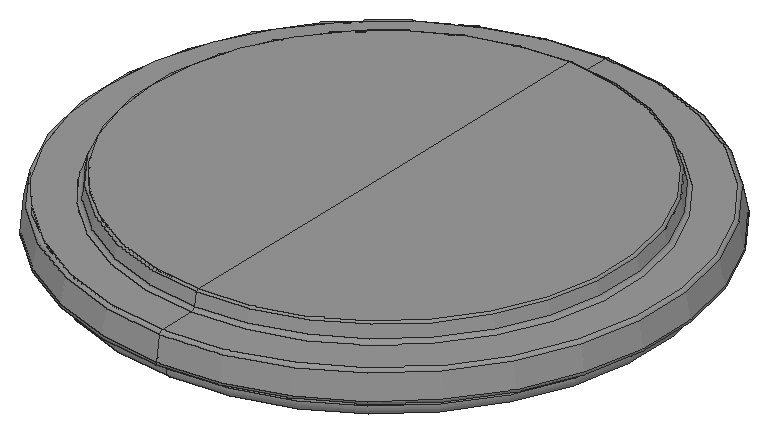
Revit family "FMK13_63_UN_Surface-mounted_ETK", category Lighting Fixtures, Revit 2017 (continued)
Definition of nested family "FMK.1 - Lightsource"
  Types (13, lengths in mm): name | Wattage Comments | Photometric Web File | built-in parameter 1150142 | Apparent Load
      537.1923\t510.3185\t483.5692\t456.7314\t429.1337\r\n401.576\t374.0792\t343.7273\t313.8252\t284.3692\t255.4331\t225.3259\t196.5097\t168.4813\t140.3186\r\n113.6458\t88.3264\t18.7483\t0\t0\t0\r\n874.5378\t873.5718\t871.3143\t868.2482\t864.0699\t858.7769\t852.7475\t845.0684\t836.6126\t826.9223\r\n816.0356\t804.4589\t791.4169\t777.3062\t762.6625\t747.446\t730.8942\t712.4232\t692.6625\t672.1055\r\n651.0285\t629.2854\t606.6172\t583.5472\t559.7246\t535.5937\t510.998\t484.7145\t456.6754\t428.5854\r\n400.4188\t372.2688\t344.6054\t314.312\t284.0728\t254.4418\t225.5761\t195.949\t167.9463\t140.4687\r\n113.4379\t88.1362\t71.0875\t0\t0\t0\r\n874.5378\t873.5778\t871.6724\t868.2862\t864.0811\t858.7397\t852.5389\t845.0283\t836.473\t826.8146\r\n815.9634\t804.3563\t791.3211\t777.2327\t762.3076\t746.381\t729.7628\t712.3959\t693.7249\t673.7875\r\n651.7581\t629.8357\t606.8066\t583.4555\t559.2172\t534.5241\t509.2913\t483.5462\t457.6773\t429.0467\r\n400.3767\t371.4921\t342.6683\t314.0384\t285.1107\t254.3394\t224.7361\t196.0291\t167.3291\t140.3142\r\n113.4771\t87.9507\t64.3151\t0\t0\t0\r\n874.5378\t873.5822\t871.7051\t868.3368\t864.1141\t858.7394\t852.5027\t844.8246\t836.3773\t826.6924\r\n815.914\t804.2489\t791.2202\t777.1011\t762.2471\t746.2464\t729.1785\t711.2863\t692.7002\t673.907\r\n652.9753\t631.371\t607.691\t583.9619\t559.5607\t534.4564\t508.8191\t482.5071\t455.9153\t428.6437\r\n401.3324\t371.8328\t342.2571\t312.8981\t283.7646\t255.346\t224.8809\t195.4228\t167.3581\t139.5585\r\n113.6418\t87.8922\t64.2382\t8.706\t0\t0\r\n874.5378\t873.5855\t871.7317\t868.4005\t864.1694\t858.7759\t852.5146\t844.7936\t836.1476\t826.5974\r\n815.8414\t804.1179\t791.1641\t777.044\t762.0179\t746.1226\t729.0074\t711.1016\t692.1581\t672.6484\r\n651.8985\t630.7307\t608.7859\t585.4082\t561.0742\t535.2728\t509.3136\t482.5582\t455.4728\t427.7626\r\n399.6408\t371.2677\t343.0502\t313.125\t283.1277\t253.5897\t224.8549\t196.0482\t166.9112\t139.4606\r\n112.7413\t87.9277\t63.9944\t42.3586\t0\t0\r\n874.5378\t873.5867\t871.752\t868.8147\t864.2468\t858.849\t852.5761\t844.8291\t836.1248\t826.402\r\n815.637\t804.0021\t791.0582\t776.9612\t761.8798\t746.0517\t728.897\t710.9614\t691.981\t672.329\r\n651.562\t630.0115\t607.5707\t584.3569\t560.6494\t536.4327\t510.8587\t484.1069\t456.3937\t428.1489\r\n399.4861\t370.6147\t341.6019\t312.4602\t283.6857\t253.9408\t223.9958\t195.1331\t167.5701\t139.3336\r\n112.468\t87.1663\t63.2402\t40.6889\t0\t0\r\n874.5378\t873.5864\t871.7659\t868.866\t864.6865\t858.9584\t852.6887\t844.932\t836.1945\t826.4508\r\n815.6455\t803.7881\t790.8174\t776.7697\t761.7967\t745.9151\t728.7914\t710.8409\t691.8706\t672.1189\r\n651.3591\t629.7749\t607.3922\t583.9006\t559.9617\t534.9928\t509.4867\t483.2704\t456.729\t429.5082\r\n401.0192\t371.6464\t342.0585\t312.3406\t282.6359\t252.9848\t223.8483\t195.2469\t166.3321\t138.9274\r\n113.0255\t86.7975\t60.6338\t37.9787\t3.2939\t0\r\n874.5378\t873.5845\t871.7728\t868.9005\t864.7517\t859.4224\t853.2247\t845.4756\t836.3574\t826.6182\r\n815.79\t803.8796\t790.8889\t776.8446\t761.7449\t745.7291\t728.656\t710.7077\t691.7462\t672.0155\r\n651.2864\t629.6375\t607.2429\t583.7384\t559.671\t534.6776\t509.0904\t482.6916\t455.7454\t428.1152\r\n399.9317\t371.2801\t342.2965\t313.1357\t283.8677\t254.0802\t224.01\t194.5414\t166.0764\t138.5035\r\n111.8912\t86.6696\t59.8677\t33.7962\t18.8956\t0\r\n874.5378\t873.5807\t871.7731\t868.9176\t864.7847\t859.4872\t853.3246\t845.6225\t836.9152\t827.2348\r\n816.4319\t804.4961\t791.5391\t777.5398\t762.0928\t745.9632\t728.9504\t711.0046\t692.0376\t672.115\r\n651.4037\t629.6678\t607.2565\t583.8433\t559.7558\t534.7614\t509.1452\t482.7008\t455.6668\t427.9771\r\n399.7331\t370.9579\t341.8861\t312.4368\t282.6709\t253.1872\t223.7471\t194.3836\t166.4978\t139.1964\r\n112.0848\t86.278\t61.7421\t29.4463\t15.7909\t0\r\n874.5378\t873.5755\t871.7661\t868.9174\t864.7857\t859.4991\t853.3397\t845.6535\t836.9663\t827.3039\r\n816.4996\t804.5916\t791.6701\t777.722\t762.7344\t746.5279\t729.6284\t711.7409\t692.8269\t672.8605\r\n652.2142\t630.4644\t608.0729\t584.7833\t560.762\t535.7658\t510.192\t483.7714\t456.7989\t428.9026\r\n400.6212\t371.8524\t342.6601\t313.1727\t283.557\t253.9669\t224.4794\t195.2484\t166.903\t139.071\r\n112.2525\t86.6658\t62.555\t33.1958\t13.3965\t10.8428\r\n874.5378\t873.5683\t871.7522\t868.9\t864.7542\t859.4576\t853.27\t845.5682\t836.871\t827.168\r\n816.3012\t804.3925\t791.4245\t777.4274\t762.0274\t745.8074\t728.8085\t710.8932\t691.9384\t671.9543\r\n651.2316\t629.4622\t607.0318\t583.6717\t559.5989\t534.5809\t508.8838\t482.5296\t455.4505\t427.7122\r\n399.497\t370.5209\t341.4888\t311.9798\t282.4217\t252.9404\t223.3652\t194.0868\t166.1129\t138.7711\r\n111.6707\t85.6632\t61.9355\t31.745\t14.7161\t0\r\n874.5378\t873.5594\t871.7314\t868.8655\t864.6902\t859.3634\t853.116\t845.367\t836.2714\t826.4828\r\n815.5296\t803.6718\t790.659\t776.6219\t761.6045\t745.4178\t728.3728\t710.4776\t691.5383\t671.6976\r\n650.9256\t629.2107\t606.7719\t583.4136\t559.3399\t534.3123\t508.5781\t482.3166\t455.2757\t427.4838\r\n399.4251\t370.5529\t341.6624\t312.4964\t283.2118\t253.4384\t223.2804\t193.749\t165.1177\t137.3662\r\n110.6576\t85.3817\t61.8435\t32.3883\t16.5386\t0\r\n874.5378\t873.5488\t871.7039\t868.8137\t864.5942\t858.8694\t852.5258\t844.7671\t836.0645\t826.2487\r\n815.2581\t803.4749\t790.4663\t776.4419\t761.5884\t745.4647\t728.38\t710.4823\t691.5428\t671.6192\r\n650.8192\t629.1405\t606.6856\t583.4004\t559.3159\t534.2642\t508.6703\t482.5708\t455.9544\t428.4128\r\n400.2011\t370.641\t341.0997\t311.2502\t281.3074\t251.6406\t222.3464\t193.5851\t164.8984\t137.482\r\n111.5561\t85.066\t61.4688\t36.8367\t2.8175\t0\r\n874.5378\t873.5366\t871.6694\t868.7447\t864.1252\t858.7295\t852.3629\t844.6134\t835.95\t826.1321\r\n815.1286\t803.586\t790.5828\t776.5418\t761.5393\t745.4367\t728.3358\t710.4255\t691.4979\t671.6068\r\n650.8316\t629.146\t606.7062\t583.6236\t559.612\t535.2815\t509.4116\t483.0524\t455.0708\t426.7148\r\n398.0643\t369.1044\t340.0497\t310.6902\t281.7444\t251.9973\t222.2199\t193.4802\t166.0353\t137.5909\r\n110.4203\t84.907\t61.229\t38.3068\t0\t0\r\n874.5378\t873.5227\t871.6285\t868.3112\t864.0164\t858.6254\t852.2545\t844.5295\t835.9249\t826.2812\r\n815.2254\t803.5877\t790.567\t776.4972\t761.4942\t745.4868\t728.3802\t710.3903\t691.2948\t671.5659\r\n650.9368\t629.5383\t607.7505\t584.3768\t559.6906\t533.692\t507.346\t480.9531\t453.6267\t425.8941\r\n397.6065\t369.1847\t340.8336\t310.9444\t281.1368\t251.5888\t222.9379\t194.1917\t164.9845\t137.2643\r\n110.323\t85.2793\t61.3599\t39.1384\t0\t0\r\n874.5378\t873.5071\t871.5811\t868.2301\t863.9298\t858.5572\t852.2007\t844.5146\t836.1201\t826.2817\r\n815.2028\t803.6118\t790.5441\t776.488\t761.4852\t745.4399\t728.2014\t710.3975\t691.4949\t672.5998\r\n651.8244\t629.8369\t606.2504\t582.3727\t557.7674\t532.4203\t506.4894\t480.3812\t453.6059\t426.1977\r\n398.6793\t369.3129\t339.8389\t310.5699\t281.4929\t253.1723\t222.7268\t193.2386\t165.0631\t137.0356\r\n110.8843\t85.0985\t61.4941\t8.1914\t0\t0\r\n874.5378\t873.4902\t871.5278\t868.1619\t863.8648\t858.5252\t852.2012\t844.6992\t836.1372\t826.2145\r\n815.2541\t803.5832\t790.4973\t776.4171\t761.2854\t745.3382\t728.3859\t711.3501\t692.1958\t672.2171\r\n650.2374\t628.0707\t604.9181\t581.3745\t557.0695\t531.9922\t506.5216\t480.7971\t454.8203\t426.1843\r\n397.6372\t368.8224\t340.0626\t311.5374\t282.5883\t251.8048\t222.2881\t193.527\t164.7077\t137.4862\r\n110.5445\t84.9836\t61.3334\t0\t0\t0\r\n874.5378\t873.4716\t871.1474\t868.1061\t863.8214\t858.5291\t852.4045\t844.689\t836.1072\t826.1969\r\n815.2373\t803.5188\t790.4219\t776.2264\t761.3979\t746.1378\t729.0821\t711.0239\t690.841\t670.3909\r\n649.1584\t627.2061\t604.2708\t581.0194\t557.0613\t532.5959\t507.844\t481.4188\t453.4997\t425.5058\r\n397.4694\t369.3362\t341.7743\t311.4835\t281.1792\t251.5838\t222.7303\t193.2173\t165.1013\t137.4624\r\n110.4173\t85.0342\t67.548\t0\t0\t0\r\n874.5378\t873.4518\t871.098\t868.062\t863.7991\t858.7481\t852.5\t844.6855\t836.0876\t826.1832\r\n815.211\t803.2747\t790.2758\t776.4052\t762.1799\t746.0472\t728.3438\t709.2535\t689.7636\t669.4388\r\n648.4962\t626.8384\t604.2126\t581.3408\t557.7532\t533.7776\t506.9621\t480.0893\t453.1292\t425.8497\r\n398.3428\t370.8436\t340.593\t310.68\t281.1013\t252.1371\t222.1939\t193.4646\t165.4105\t137.2273\r\n110.4684\t85.0747\t17.8491\t0\t0\t0\r\n874.5378\t873.4307\t871.0546\t868.0295\t863.7979\t858.823\t852.5238\t844.6756\t836.0531\t826.1726\r\n815.0242\t803.267\t790.536\t777.2732\t761.8659\t744.6974\t726.7811\t708.3049\t689.066\t668.8957\r\n648.2678\t626.9323\t604.8346\t582.6715\t558.3432\t532.3764\t506.2836\t480.1082\t453.7371\t426.9201\r\n399.5042\t369.4263\t339.821\t310.7152\t281.9363\t251.5333\t222.3384\t194.1778\t165.0767\t137.1926\r\n110.5867\t85.158\t0\t0\t0\t0\r\n874.5378\t873.4084\t871.0174\t868.0074\t863.9782\t858.855\t852.5347\t844.6615\t836.0073\t826.1602\r\n815.0473\t803.3722\t791.3655\t777.0594\t760.4598\t743.7584\t726.0979\t707.7042\t688.7687\t668.8887\r\n648.5609\t627.6845\t606.2692\t581.8574\t557.0948\t531.8283\t506.5164\t480.8068\t455.3729\t427.7516\r\n397.9966\t368.866\t339.9889\t311.5061\t281.1693\t251.6302\t223.0944\t193.7326\t164.9165\t137.296\r\n110.7672\t92.6719\t0\t0\t0\t0\r\n874.5378\t873.3851\t870.9864\t867.9804\t864.0099\t858.8791\t852.5298\t844.6389\t835.95\t826.0359\r\n815.1802\t804.1752\t791.2075\t775.7259\t759.6064\t743.0978\t725.6624\t707.4716\t688.8183\t669.2989\r\n649.3205\t628.7157\t605.1307\t581.0278\t556.792\t532.1068\t507.2488\t482.5284\t454.9652\t426.3368\r\n397.5234\t369.1232\t340.9559\t310.6969\t281.0219\t252.0617\t222.9785\t193.4688\t165.0023\t137.5269\r\n110.9832\t57.7845\t0\t0\t0\t0\r\n874.5378\t873.361\t870.9611\t867.9764\t864.0397\t858.8947\t852.5099\t844.6086\t835.7159\t826.1116\r\n815.952\t804.107\t789.9901\t774.8418\t758.999\t742.6154\t725.5089\t707.5924\t689.2267\t670.0786\r\n650.3041\t627.4499\t604.3867\t580.9269\t556.9728\t532.9366\t508.8417\t481.897\t453.8789\t425.7503\r\n397.7895\t370.0639\t340.319\t310.5456\t281.3872\t252.7353\t222.5949\t193.4507\t165.1616\t137.768\r\n111.2268\t0\t0\t0\t0\t0\r\n874.5378\t873.3357\t870.9415\t867.9821\t864.067\t858.9014\t852.465\t844.5526\t835.697\t826.2614\r\n816.0864\t803.6152\t789.202\t774.2582\t758.6697\t742.3064\t725.6242\t708.0264\t689.8951\t671.1272\r\n649.0676\t626.8292\t604.1416\t581.0734\t557.6848\t534.63\t508.4278\t480.9271\t453.3281\t425.9125\r\n398.728\t369.5453\t339.9046\t310.7678\t282.3063\t252.2366\t222.4436\t193.5077\t165.3959\t138.0713\r\n121.3613\t0\t0\t0\t0\t0\r\n874.5378\t872.9774\t870.9624\t868.1791\t864.092\t858.8967\t852.3319\t844.3515\t835.7488\t826.9915\r\n815.9889\t802.3564\t788.584\t773.8981\t758.5075\t742.3275\t725.9478\t708.7198\t690.9781\t670.0402\r\n648.425\t626.5008\t604.2788\t581.6461\t559.4292\t534.6424\t507.435\t480.4643\t453.4368\t426.4353\r\n398.8264\t369.0672\t339.9817\t311.2998\t282.1365\t251.941\t222.4806\t193.7413\t165.6824\t138.3686\r\n92.7694\t0\t0\t0\t0\t0\r\n874.5378\t872.9521\t870.951\t868.1967\t864.1148\t858.8619\t852.2664\t844.3465\t835.8721\t827.0222\r\n815.5225\t801.7478\t788.1341\t773.6613\t758.5189\t742.6444\t726.4356\t710.0644\t690.0841\t669.3074\r\n648.1138\t626.5633\t604.9057\t582.6996\t559.6685\t533.2\t506.8356\t480.4643\t454.0791\t427.2698\r\n397.9034\t368.9925\t340.3708\t312.1658\t281.7084\t251.8435\t222.5897\t193.9868\t166.0251\t138.699\r\n14.9663\t0\t0\t0\t0\t0\r\n874.5378\t872.9285\t870.9433\t868.212\t864.1354\t858.8421\t852.2069\t844.3899\t836.6052\t826.7985\r\n814.3264\t801.2999\t787.8124\t773.5896\t758.7203\t743.1742\t727.5886\t709.9551\t689.3562\t668.923\r\n648.2026\t627.0816\t605.5443\t584.0246\t558.2718\t532.554\t506.7208\t480.8279\t455.1122\t426.5682\r\n397.6913\t369.2033\t341.0246\t311.5899\t281.4368\t251.7971\t222.7655\t194.3008\t166.4016\t153.2556\r\n0\t0\t0\t0\t0\t0\r\n874.5378\t872.9069\t870.9386\t868.2257\t864.185\t858.8183\t851.9755\t844.5097\t836.6798\t826.3234\r\n813.784\t800.9822\t787.5701\t773.6819\t759.0134\t743.8787\t727.9122\t708.6283\t688.9772\t668.8748\r\n648.4573\t627.6471\t607.2662\t582.8449\t557.6585\t532.2931\t506.9896\t481.5344\t454.5783\t426.0799\r\n397.8116\t369.7484\t341.7884\t311.1765\t281.2486\t251.8609\t222.9676\t194.5925\t166.7495\t135.4469\r\n0\t0\t0\t0\t0\t0\r\n874.5378\t872.8873\t870.9363\t868.2381\t864.1949\t858.791\t852.0553\t844.6019\t836.5831\t825.2274\r\n813.3331\t800.7868\t787.5218\t773.9534\t759.4913\t745.1929\t727.0053\t707.9728\t688.7873\t668.9993\r\n649.0036\t629.299\t606.9956\t581.9623\t557.3651\t532.4466\t507.4576\t482.3684\t454\t425.9998\r\n398.1114\t370.8218\t340.9856\t310.9265\t281.2218\t251.9715\t223.2218\t194.9282\t167.063\t93.5989\r\n0\t0\t0\t0\t0\t0\r\n874.5378\t872.8692\t870.9368\t868.25\t864.1949\t858.7593\t852.1064\t845.2098\t836.3088\t824.7548\r\n812.9482\t800.638\t787.6594\t774.2694\t760.1867\t745.2601\t726.4795\t707.6945\t688.8051\t669.3589\r\n649.7637\t629.8292\t605.7869\t581.5746\t557.2111\t532.8607\t508.6718\t481.3983\t453.7475\t426.1148\r\n398.6647\t371.0606\t340.6131\t310.7157\t281.1881\t252.152\t223.4993\t195.2628\t167.4196\t13.2541\r\n0\t0\t0\t0\t0\t0\r\n874.5378\t872.8494\t870.939\t868.2666\t864.1885\t858.7139\t852.1766\t845.1624\t835.9373\t824.414\r\n812.6672\t800.5604\t787.8615\t774.6067\t761.4721\t744.1557\t726.2023\t707.6318\t688.8733\t670.0819\r\n651.1927\t628.8454\t605.2276\t581.4412\t557.6111\t533.479\t508.7908\t481.0305\t453.6399\t426.472\r\n399.7939\t370.2583\t340.2739\t310.5922\t281.3168\t252.3789\t223.7711\t195.5688\t180.0939\t0\r\n0\t0\t0\t0\t0\t0\r\n874.5378\t872.8345\t870.9428\t868.2788\t864.1751\t858.672\t852.2572\t845.1349\t835.013\t824.0988\r\n812.5028\t800.5405\t788.1073\t775.2296\t761.604\t743.727\t725.923\t707.76\t689.2865\t670.7182\r\n651.5245\t628.1751\t604.897\t581.4903\t558.0072\t534.7468\t508.0518\t480.868\t453.8544\t426.9476\r\n400.0277\t369.8302\t340.067\t310.5716\t281.4306\t252.5944\t224.1092\t195.9748\t157.197\t0\r\n0\t0\t0\t0\t0\t0\r\n874.5378\t872.8219\t870.9477\t868.2897\t864.1558\t858.453\t852.3157\t845.0791\t834.6249\t823.796\r\n812.4475\t800.5442\t788.459\t776.4141\t761.1442\t743.4574\t725.8335\t708.0663\t689.8824\t672.0721\r\n650.6803\t627.7465\t604.8006\t581.743\t558.6289\t534.7917\t507.7168\t481.3787\t454.4154\t428.0592\r\n399.2589\t369.4126\t339.8892\t310.6205\t281.6174\t252.8834\t224.4504\t196.3059\t118.3434\t0\r\n0\t0\t0\t0\t0\t0\r\n874.5378\t872.8107\t870.9534\t868.2996\t864.1176\t858.4334\t852.4115\t845.0974\t834.2703\t823.5867\r\n812.5083\t800.7278\t788.8292\t776.5746\t760.1341\t743.1717\t725.8886\t708.4254\t690.6393\t672.4379\r\n649.9567\t627.6406\t604.9496\t582.2043\t559.7484\t533.8654\t507.4859\t481.1029\t455.4086\t429.164\r\n398.971\t369.1463\t339.8235\t310.6736\t281.8098\t253.1968\t224.8415\t196.7255\t31.9915\t0\r\n0\t0\t0\t0\t0\t0\r\n874.5378\t872.8015\t871.1429\t868.308\t864.1004\t858.4294\t853.0114\t844.9043\t833.8973\t823.4907\r\n812.5544\t801.0655\t789.1452\t776.5354\t759.7264\t742.9408\t726.0542\t708.8403\t692.1219\t672.26\r\n649.5891\t627.4363\t605.2852\t582.8997\t559.9971\t533.5288\t507.4298\t481.4059\t455.4431\t428.6033\r\n399.2041\t369.4637\t339.9591\t310.8159\t282.0774\t253.5515\t225.2304\t213.5555\t1.3866\t0\r\n0\t0\t0\t0\t0\t0\r\n874.5378\t872.7941\t871.1174\t868.3155\t864.0856\t858.4398\t852.9888\t844.0705\t833.6942\t823.3962\r\n812.5777\t801.475\t790.2465\t775.5141\t759.3445\t742.9683\t726.1921\t709.3398\t692.5373\t671.2616\r\n649.4168\t627.5109\t605.553\t584.2067\t559.2507\t533.4118\t507.5734\t481.8005\t456.5115\t427.6425\r\n398.2456\t369.0111\t340.349\t311.4724\t282.5248\t253.9431\t225.6406\t197.3849\t0\t0\r\n0\t0\t0\t0\t0\t0\r\n874.5378\t872.7884\t871.1198\t868.3214\t864.0714\t858.4701\t852.9325\t843.7409\t833.6473\t823.2429\r\n812.7131\t801.8505\t790.691\t774.9735\t759.1347\t742.9272\t726.5629\t709.8764\t692.4735\t670.8095\r\n649.3575\t627.7671\t606.0971\t584.3736\t559.0374\t533.3513\t507.7778\t482.2777\t456.7614\t427.209\r\n398.0085\t368.9449\t340.0432\t311.3117\t282.7547\t254.4763\t226.1867\t170.8479\t0\t0\r\n0\t0\t0\t0\t0\t0\r\n874.5378\t872.7847\t871.1223\t868.338\t864.0578\t858.5237\t852.8341\t843.4478\t833.5488\t823.2067\r\n812.9309\t802.161\t790.8695\t774.7542\t758.9229\t743.0095\t726.8766\t711.1584\t691.5004\t670.4968\r\n649.3255\t628.0131\t606.6955\t584.4671\t558.616\t533.3076\t508.1456\t482.8324\t456.4182\t426.833\r\n397.8704\t368.9464\t340.1717\t311.549\t283.0694\t254.7372\t226.55\t135.9928\t0\t0\r\n0\t0\t0\t0\t0\t0\r\n874.5378\t872.7827\t871.1248\t868.3385\t864.0404\t858.6363\t852.6731\t843.1397\t833.4635\t823.2886\r\n813.0276\t802.6322\t790.6786\t774.6813\t758.8626\t743.1652\t727.2359\t711.4659\t691.1113\t670.2713\r\n649.4165\t628.407\t607.697\t583.5695\t558.5595\t533.5279\t508.37\t483.7612\t455.5512\t426.5722\r\n397.6973\t368.9345\t340.3225\t311.8335\t283.4464\t255.1709\t250.9827\t49.0323\t0\t0\r\n0\t0\t0\t0\t0\t0\r\n874.5378\t872.7824\t871.1273\t868.3336\t864.0218\t858.7104\t852.5489\t842.8917\t833.3688\t823.3781\r\n813.1947\t803.6353\t789.7431\t774.5645\t758.9698\t743.3083\t727.755\t711.4599\t690.7643\t670.1637\r\n649.5053\t628.8581\t608.1902\t583.3468\t558.4625\t533.6548\t508.8402\t484.1538\t455.201\t426.3018\r\n397.6395\t369.0329\t340.5025\t312.0882\t283.7884\t255.6057\t247.447\t20.395\t0\t0\r\n0\t0\t0\t0\t0\t0\r\n874.5378\t872.7842\t871.13\t868.3244\t863.8177\t858.7744\t852.4437\t842.6847\t833.222\t823.5262\r\n813.4184\t803.7318\t789.472\t774.355\t759.2004\t743.6342\t728.0876\t711.4192\t690.4506\t670.1786\r\n649.6945\t629.1648\t608.1704\t583.2992\t558.6503\t533.8852\t509.326\t484.0605\t454.8593\t426.225\r\n397.6911\t369.1505\t340.6853\t312.3818\t284.1728\t256.0384\t237.1609\t0\t0\t0\r\n0\t0\t0\t0\t0\t0\r\n874.5378\t872.7874\t871.133\t868.3112\t863.819\t859.3046\t852.4209\t842.5108\t833.1295\t823.6174\r\n813.7004\t803.7124\t789.1229\t774.26\t759.223\t744.1329\t729.3142\t710.2648\t690.3864\t670.1592\r\n649.9661\t629.794\t607.8971\t583.0212\t558.7433\t534.3983\t510.4872\t483.2263\t454.6172\t426.1513\r\n397.6846\t369.266\t340.9541\t312.7436\t284.584\t256.5004\t221.7078\t0\t0\t0\r\n0\t0\t0\t0\t0\t0\r\n874.5378\t872.7926\t871.1365\t868.2726\t863.8123\t859.3416\t852.2686\t842.4314\t833.065\t823.6221\r\n814.0622\t803.7139\t788.8391\t774.1231\t759.2704\t744.3484\t729.6577\t710.2353\t690.1562\t670.31\r\n650.3185\t630.635\t6
      07.254\t583.0959\t558.7842\t534.5868\t510.9239\t483.162\t454.6901\t426.2272\r\n397.7657\t369.4458\t341.2148\t313.0653\t284.9522\t256.9235\t202.3618\t0\t0\t0\r\n0\t0\t0\t0\t0\t0\r\n874.5378\t872.7993\t871.1166\t868.2572\t863.8063\t859.3721\t851.5001\t842.4617\t833.0791\t823.7032\r\n814.2286\t803.8126\t788.6492\t774.0281\t759.3653\t744.5446\t729.5962\t709.9595\t690.3358\t670.5518\r\n650.6352\t630.9604\t607.0703\t583.0666\t559.1029\t535.0702\t511.134\t482.831\t454.4883\t426.2376\r\n398.0035\t369.7985\t341.6168\t313.4983\t285.4299\t257.4451\t180.4155\t0\t0\t0\r\n0\t0\t0\t0\t0\t0\r\n874.5378\t872.808\t871.1226\t868.245\t863.8001\t859.4232\t851.3304\t842.4052\t833.2185\t823.8307\r\n814.4499\t803.611\t788.6712\t774.074\t759.4764\t744.8784\t729.556\t709.6624\t690.1842\t670.6245\r\n651.1255\t631.2163\t607.0184\t583.0926\t559.177\t535.3177\t511.3009\t482.83\t454.5751\t426.2887\r\n398.0948\t369.959\t341.8881\t313.8666\t285.8902\t257.9527\t156.8784\t0\t0\t0\r\n0\t0\t0\t0\t0\t0\r\n874.5378\t872.8184\t871.1327\t868.2366\t863.7659\t859.442\t851.1995\t842.2831\t833.2931\t824.0742\r\n815.3474\t802.8117\t788.5502\t774.2374\t759.7599\t745.2055\t729.4821\t709.6885\t690.3288\t670.7949\r\n651.2991\t631.0308\t606.9175\t583.2677\t559.5088\t535.716\t511.1151\t482.5063\t454.3613\t426.2954\r\n398.3135\t370.292\t342.2782\t314.28\t286.2865\t285.7104\t75.7514\t0\t0\t0\r\n0\t0\t0\t0\t0\t0\r\n874.5378\t872.8303\t871.1474\t868.2319\t863.7671\t859.4492\t851.1179\t842.2219\t833.2847\t824.2664\r\n815.6777\t802.7252\t788.5708\t774.3078\t760.0126\t746.2546\t729.4181\t709.6036\t690.4208\t671.2998\r\n652.0436\t631.1536\t606.885\t583.2315\t559.6544\t536.0892\t511.0662\t482.478\t454.4372\t426.4124\r\n398.4095\t370.4465\t342.5088\t314.5962\t286.7324\t284.7759\t56.2397\t0\t0\t0\r\n0\t0\t0\t0\t0\t0\r\n874.5378\t872.9292\t871.1662\t868.2222\t863.7828\t859.4115\t851.0383\t842.1901\t833.3088\t824.3775\r\n815.8992\t802.6644\t788.5706\t774.4926\t760.3018\t746.6516\t728.7718\t709.6587\t690.5486\t671.4178\r\n652.8694\t630.6985\t607.2176\t583.6288\t560.013\t536.9103\t510.2848\t482.3372\t454.4364\t426.5228\r\n398.6154\t370.7206\t342.8538\t315.0007\t287.1577\t282.0541\t40.6303\t0\t0\t0\r\n0\t0\t0\t0\t0\t0\r\n874.5378\t872.9421\t871.1895\t868.2289\t863.813\t859.4289\t850.9458\t842.1785\t833.3425\t824.4884\r\n816.0098\t802.6081\t788.5081\t774.4197\t760.5076\t747.0261\t728.9124\t709.75\t690.6681\t671.6222\r\n653.1125\t630.6166\t607.191\t583.7136\t560.2623\t537.2756\t510.2714\t482.4034\t454.5235\t426.6428\r\n398.7845\t370.9388\t343.1172\t315.3122\t287.5372\t278.281\t28.3147\t0\t0\t0\r\n0\t0\t0\t0\t0\t0\r\n874.5378\t872.9536\t871.2178\t868.2423\t863.8973\t859.4757\t850.9192\t842.1772\t833.407\t824.5792\r\n816.0584\t802.5411\t788.5733\t774.5563\t760.425\t746.7394\t728.5126\t709.8467\t690.9749\t672.0158\r\n653.3897\t630.5492\t607.23\t583.911\t560.6015\t537.6543\t510.3862\t482.5319\t454.6872\t426.8534\r\n399.0246\t371.2208\t343.4282\t315.6487\t287.897\t274.075\t18.7649\t0\t0\t0\r\n0\t0\t0\t0\t0\t0\r\n874.5378\t872.9635\t871.2508\t868.2624\t863.9335\t859.6451\t850.945\t842.2266\t833.498\t824.7344\r\n816.1561\t802.4519\t788.4984\t774.5534\t760.6869\t746.9877\t728.5191\t709.72\t690.8923\t672.1174\r\n653.6104\t630.6843\t607.411\t584.1119\t560.8297\t537.813\t510.3909\t482.6159\t454.8709\t427.0912\r\n399.3256\t371.5648\t343.7972\t316.0485\t288.2968\t270.0522\t11.5459\t0\t0\t0\r\n0\t0\t0\t0\t0\t0\r\n874.5378\t872.9714\t871.3639\t868.2884\t863.9556\t859.6826\t851.0876\t842.3925\t833.6237\t824.9127\r\n816.3267\t802.6034\t788.7087\t774.7074\t760.7517\t746.9554\t728.4273\t709.7284\t691.0773\t672.3444\r\n653.7585\t630.7193\t607.5092\t584.2858\t561.074\t538.0033\t510.443\t482.7079\t454.9761\t427.2487\r\n399.5129\t371.7934\t344.0769\t316.3533\t288.6432\t266.5167\t6.2928\t0\t0\t0\r\n0\t0\t0\t0\t0\t0\r\n874.5378\t872.9779\t871.3936\t868.3509\t863.9618\t859.6622\t851.08\t842.4429\t833.8043\t825.1533\r\n816.5375\t802.7559\t788.8974\t775.0675\t761.2477\t747.4784\t728.8517\t710.1629\t691.4644\t672.7759\r\n654.0767\t630.9276\t607.7084\t584.5\t561.3026\t538.1756\t510.5621\t482.8684\t455.1604\t427.4669\r\n399.7643\t372.0719\t344.378\t316.6918\t288.9912\t263.8668\t2.734\t0\t0\t0\r\n0\t0\t0\t0\t0\t0\r\n874.5378\t872.9823\t871.4164\t868.3794\t863.9122\t859.4661\t850.884\t842.2908\t833.7953\t825.1875\r\n816.5804\t802.7805\t788.9656\t775.15\t761.3335\t747.5231\t728.8636\t710.1726\t691.4937\t672.8166\r\n654.1476\t630.9852\t607.8098\t584.6146\t561.4286\t538.2518\t510.6042\t482.9378\t455.2737\t427.6085\r\n399.9451\t372.281\t344.6062\t316.9428\t289.2806\t262.2707\t0.6743\t0\t0\t0\r\n0\t0\t0\t0\t0\t0" | 25 VA
  Reference planes
    plane 1 "Center (Front/Back)": y = 0
    plane 2: z = 0
    plane 3 "Center (Left/Right)": x = 0
  Dimensions and locks
    aligned and locked: level to plane 2
